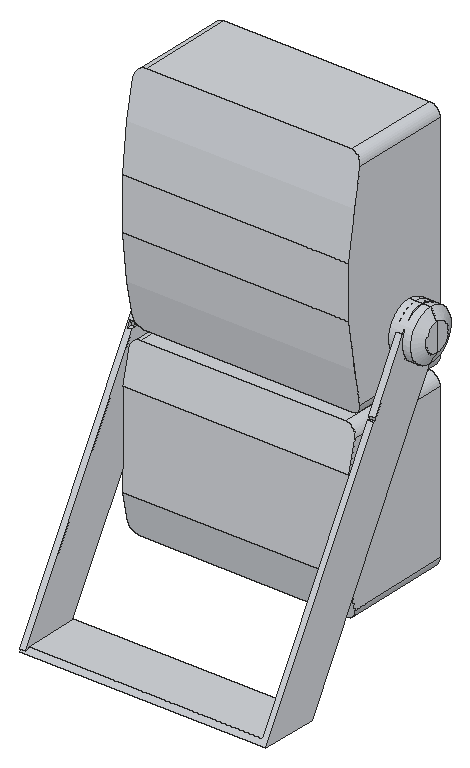
Revit family "Lighting-Proiezione-GEWISS-SMART[PRO]2.0-PROIETTORI-LED-MEDIA-POTENZA_1MODULI_DALI_CLI", category Apparecchi per illuminazione, host Superficie, Revit 2019 (continued)
Types (46, lengths in mm): name | Versioni | Tolleranza cromatica | Tipologia | Tensione | Temperatura di utilizzo | Temperatura di colore: | Temperatura di colore | Superficie massima esposta al vento | Spostamento_x_effettivo | Spostamento_x | Scheda Tecnica | Resistenza alle sovratensioni : | Regolazione inclinazione | Ottica | Numero moduli | Modello | Lumen output (lm) | Life Time L90B10 (Tq 50Â°C) : | Life Time L90B10 (Tq 40Â°C) | Life Time L90B10 (Tq 25Â°C) : | Life Time L80B10 (Tq 25Â°C) | Lampada: | Indice di resa cromatica | IPEA | IDT | Gruppo ottico | Flusso nominale | Efficienza luminosa (lm/W) | Durata di vita | Distanza minima dall'oggetto illuminato | Descrizione | Corrente di pilotaggio LED | Controllo abbagliamento e luminanza | Catalogo Serie
  GWP2174FD - SMART PRO 1M 4000K CRI70 TYPE A2 DALI | "Luce naturale 4000K" | "SDCM = 5" | "DALI" | "220 / 240 V - 50 / 60 Hz" | "-30 +40 °C" | "4000 K (CRI>70)" | "4000K" | "0,085M2" | 2938.794 | 1061.206 | "https://www.gewiss.com/it/it/search?q=GWP2174FD" | "10KV in modalità comune; 6KV in modalità differenziale" | "-120° ÷ + 120° staffa" | "A2 - Asimmetrica Media" | "1" | "GWP2174FD" | "16400" | "" | "40000 H" | ">50000 H" | ">110000 H" | "LED" | "CRI-70" | "STRADALE = A // GRANDI AREE = A++ // CICLOPEDONALI = A // AREE VERDI = A // CENTRO STORICO = A4+ // ALTRO = A4+" | "c7ec98a24c81494e8e16bc5b97c15477" | "Parabola in alluminio anodizzato brillantato con alluminio puro 99,99%" | "24000" | "99" | "L90B10 (Tq+25°C) - 50000h L90B10 (Tq+50°C) = 32000h L80B10 (Tq+25°C) - 110000h" | "1M" | "SMART PRO 1M 4000K CRI70 TYPE A2 DALI" | "0,7 A" | "G*3 - ULOR = 0" | "SMART [PRO] 2.0"
  GWP2174GD - SMART PRO 1M 4000K CRI70 TYPE C4 DALI | "Luce naturale 4000K" | "SDCM = 5" | "DALI" | "220 / 240 V - 50 / 60 Hz" | "-30 +40 °C" | "4000 K (CRI>70)" | "4000K" | "0,085M2" | 2938.794 | 1061.206 | "https://www.gewiss.com/it/it/search?q=GWP2174GD" | "10KV in modalità comune; 6KV in modalità differenziale" | "-120° ÷ + 120° staffa" | "C4 - Circolare 15°" | "1" | "GWP2174GD" | "20500" | "" | "40000 H" | ">50000 H" | ">110000 H" | "LED" | "CRI-70" | "STRADALE = A++ // GRANDI AREE = A6+ // CICLOPEDONALI = A3+ // AREE VERDI = A3+ // CENTRO STORICO = A8+ // ALTRO = A8+" | "33379705db8c4ac6ad7f513b6c9e8b0f" | "Riflettore in PC HT quarzato&nbsp; e metallizzato lucido" | "24000" | "124" | "L90B10 (Tq+25°C) - 50000h L90B10 (Tq+50°C) = 32000h L80B10 (Tq+25°C) - 110000h" | "1M" | "SMART PRO 1M 4000K CRI70 TYPE C4 DALI" | "0,7 A" | "G*6 - ULOR = 0" | "SMART [PRO] 2.0"
  GWP2174HD - SMART PRO 1M 4000K CRI70 TYPE C3 DALI | "Luce naturale 4000K" | "SDCM = 5" | "DALI" | "220 / 240 V - 50 / 60 Hz" | "-30 +40 °C" | "4000 K (CRI>70)" | "4000K" | "0,085M2" | 2938.794 | 1061.206 | "https://www.gewiss.com/it/it/search?q=GWP2174HD" | "10KV in modalità comune; 6KV in modalità differenziale" | "-120° ÷ + 120° staffa" | "C3 - Circolare 20°" | "1" | "GWP2174HD" | "20500" | "" | "40000 H" | ">50000 H" | ">110000 H" | "LED" | "CRI-70" | "STRADALE = A++ // GRANDI AREE = A6+ // CICLOPEDONALI = A3+ // AREE VERDI = A3+ // CENTRO STORICO = A8+ // ALTRO = A8+" | "c3bde94c8f45461f82fe022f054c9b62" | "Riflettore in PC HT quarzato&nbsp; e metallizzato lucido" | "24000" | "124" | "L90B10 (Tq+25°C) - 50000h L90B10 (Tq+50°C) = 32000h L80B10 (Tq+25°C) - 110000h" | "1M" | "SMART PRO 1M 4000K CRI70 TYPE C3 DALI" | "0,7 A" | "G*6 - ULOR = 0" | "SMART [PRO] 2.0"
  GWP2174LD - SMART PRO 1M 4000K CRI70 TYPE C2 DALI | "Luce naturale 4000K" | "SDCM = 5" | "DALI" | "220 / 240 V - 50 / 60 Hz" | "-30 +40 °C" | "4000 K (CRI>70)" | "4000K" | "0,085M2" | 2938.794 | 1061.206 | "https://www.gewiss.com/it/it/search?q=GWP2174LD" | "10KV in modalità comune; 6KV in modalità differenziale" | "-120° ÷ + 120° staffa" | "C2 - Circolare 25°" | "1" | "GWP2174LD" | "20000" | "" | "40000 H" | ">50000 H" | ">110000 H" | "LED" | "CRI-70" | "STRADALE = A++ // GRANDI AREE = A5+ // CICLOPEDONALI = A++ // AREE VERDI = A++ // CENTRO STORICO = A7+ // ALTRO = A7+" | "b351f5220b6042cbaab340076bed8e38" | "Riflettore in PC HT quarzato&nbsp; e metallizzato lucido" | "24000" | "121" | "L90B10 (Tq+25°C) - 50000h L90B10 (Tq+50°C) = 32000h L80B10 (Tq+25°C) - 110000h" | "1M" | "SMART PRO 1M 4000K CRI70 TYPE C2 DALI" | "0,7 A" | "G*6 - ULOR = 0" | "SMART [PRO] 2.0"
  GWP2174MD - SMART PRO 1M 4000K CRI70 TYPE C1 DALI | "Luce naturale 4000K" | "SDCM = 5" | "DALI" | "220 / 240 V - 50 / 60 Hz" | "-30 +40 °C" | "4000 K (CRI>70)" | "4000K" | "0,085M2" | 2938.794 | 1061.206 | "https://www.gewiss.com/it/it/search?q=GWP2174MD" | "10KV in modalità comune; 6KV in modalità differenziale" | "-120° ÷ + 120° staffa" | "C1 - Circolare 30°" | "1" | "GWP2174MD" | "20000" | "" | "40000 H" | ">50000 H" | ">110000 H" | "LED" | "CRI-70" | "STRADALE = A++ // GRANDI AREE = A5+ // CICLOPEDONALI = A++ // AREE VERDI = A++ // CENTRO STORICO = A7+ // ALTRO = A7+" | "875591dee17f4a41ab7b81d6d1d0d833" | "Riflettore in PC HT quarzato&nbsp; e metallizzato lucido" | "24000" | "121" | "L90B10 (Tq+25°C) - 50000h L90B10 (Tq+50°C) = 32000h L80B10 (Tq+25°C) - 110000h" | "1M" | "SMART PRO 1M 4000K CRI70 TYPE C1 DALI" | "0,7 A" | "G*6 - ULOR = 0" | "SMART [PRO] 2.0"
  GWP2175AD - SMART PRO 1M 5700K CRI70 TYPE S1 DALI | "Luce fredda 5700K" | "SDCM = 5" | "DALI" | "220 / 240 V - 50 / 60 Hz" | "-30 +40 °C" | "5700 K (CRI>70)" | "5700K" | "0,085M2" | 2938.794 | 1061.206 | "https://www.gewiss.com/it/it/search?q=GWP2175AD" | "10KV in modalità comune; 6KV in modalità differenziale" | "-120° ÷ + 120° staffa" | "S1 - Simmetrica Larga" | "1" | "GWP2175AD" | "19600" | "" | "40000 H" | ">50000 H" | ">110000 H" | "LED" | "CRI-70" | "STRADALE = A++ // GRANDI AREE = A5+ // CICLOPEDONALI = A++ // AREE VERDI = A++ // CENTRO STORICO = A7+ // ALTRO = A7+" | "46392bc269c04283af3d267b4dc941af" | "Riflettore in PC HT quarzato&nbsp; e metallizzato lucido" | "24000" | "119" | "L90B10 (Tq+25°C) - 50000h L90B10 (Tq+50°C) = 32000h L80B10 (Tq+25°C) - 110000h" | "1M" | "SMART PRO 1M 5700K CRI70 TYPE S1 DALI" | "0,7 A" | "G*6 - ULOR = 0" | "SMART [PRO] 2.0"
  GWP2175BD - SMART PRO 1M 5700K CRI70 TYPE S2 DALI | "Luce fredda 5700K" | "SDCM = 5" | "DALI" | "220 / 240 V - 50 / 60 Hz" | "-30 +40 °C" | "5700 K (CRI>70)" | "5700K" | "0,085M2" | 2938.794 | 1061.206 | "https://www.gewiss.com/it/it/search?q=GWP2175BD" | "10KV in modalità comune; 6KV in modalità differenziale" | "-120° ÷ + 120° staffa" | "S2 - Simmetrica Media" | "1" | "GWP2175BD" | "20300" | "" | "40000 H" | ">50000 H" | ">110000 H" | "LED" | "CRI-70" | "STRADALE = A++ // GRANDI AREE = A6+ // CICLOPEDONALI = A3+ // AREE VERDI = A3+ // CENTRO STORICO = A7+ // ALTRO = A7+" | "119f826a083b40bdb4b0429b1f292288" | "Parabola in alluminio anodizzato brillantato con alluminio puro 99,99%" | "24000" | "123" | "L90B10 (Tq+25°C) - 50000h L90B10 (Tq+50°C) = 32000h L80B10 (Tq+25°C) - 110000h" | "1M" | "SMART PRO 1M 5700K CRI70 TYPE S2 DALI" | "0,7 A" | "G*6 - ULOR = 0" | "SMART [PRO] 2.0"
  GWP2175CD - SMART PRO 1M 5700K CRI70 TYPE A1 DALI | "Luce fredda 5700K" | "SDCM = 5" | "DALI" | "220 / 240 V - 50 / 60 Hz" | "-30 +40 °C" | "5700 K (CRI>70)" | "5700K" | "0,085M2" | 2938.794 | 1061.206 | "https://www.gewiss.com/it/it/search?q=GWP2175CD" | "10KV in modalità comune; 6KV in modalità differenziale" | "-120° ÷ + 120° staffa" | "A1 - Asimmetrica Larga" | "1" | "GWP2175CD" | "19100" | "" | "40000 H" | ">50000 H" | ">110000 H" | "LED" | "CRI-70" | "STRADALE = A+ // GRANDI AREE = A5+ // CICLOPEDONALI = A++ // AREE VERDI = A++ // CENTRO STORICO = A6+ // ALTRO = A6+" | "1931f00c146d4d25943004ce45479592" | "Riflettore in PC HT quarzato&nbsp; e metallizzato lucido" | "24000" | "116" | "L90B10 (Tq+25°C) - 50000h L90B10 (Tq+50°C) = 32000h L80B10 (Tq+25°C) - 110000h" | "1M" | "SMART PRO 1M 5700K CRI70 TYPE A1 DALI" | "0,7 A" | "G*4 - ULOR = 0" | "SMART [PRO] 2.0"
  GWP2175FD - SMART PRO 1M 5700K CRI70 TYPE A2 DALI | "Luce fredda 5700K" | "SDCM = 5" | "DALI" | "220 / 240 V - 50 / 60 Hz" | "-30 +40 °C" | "5700 K (CRI>70)" | "5700K" | "0,085M2" | 2938.794 | 1061.206 | "https://www.gewiss.com/it/it/search?q=GWP2175FD" | "10KV in modalità comune; 6KV in modalità differenziale" | "-120° ÷ + 120° staffa" | "A2 - Asimmetrica Media" | "1" | "GWP2175FD" | "16400" | "" | "40000 H" | ">50000 H" | ">110000 H" | "LED" | "CRI-70" | "STRADALE = A // GRANDI AREE = A++ // CICLOPEDONALI = A // AREE VERDI = A // CENTRO STORICO = A4+ // ALTRO = A4+" | "ddc547c578894b1298216b770cafd0b4" | "Parabola in alluminio anodizzato brillantato con alluminio puro 99,99%" | "24000" | "99" | "L90B10 (Tq+25°C) - 50000h L90B10 (Tq+50°C) = 32000h L80B10 (Tq+25°C) - 110000h" | "1M" | "SMART PRO 1M 5700K CRI70 TYPE A2 DALI" | "0,7 A" | "G*3 - ULOR = 0" | "SMART [PRO] 2.0"
  GWP2175GD - SMART PRO 1M 5700K CRI70 TYPE C4 DALI | "Luce fredda 5700K" | "SDCM = 5" | "DALI" | "220 / 240 V - 50 / 60 Hz" | "-30 +40 °C" | "5700 K (CRI>70)" | "5700K" | "0,085M2" | 2938.794 | 1061.206 | "https://www.gewiss.com/it/it/search?q=GWP2175GD" | "10KV in modalità comune; 6KV in modalità differenziale" | "-120° ÷ + 120° staffa" | "C4 - Circolare 15°" | "1" | "GWP2175GD" | "20500" | "" | "40000 H" | ">50000 H" | ">110000 H" | "LED" | "CRI-70" | "STRADALE = A++ // GRANDI AREE = A6+ // CICLOPEDONALI = A3+ // AREE VERDI = A3+ // CENTRO STORICO = A8+ // ALTRO = A8+" | "69762f017caf489d83bad4692ae63149" | "Riflettore in PC HT quarzato&nbsp; e metallizzato lucido" | "24000" | "124" | "L90B10 (Tq+25°C) - 50000h L90B10 (Tq+50°C) = 32000h L80B10 (Tq+25°C) - 110000h" | "1M" | "SMART PRO 1M 5700K CRI70 TYPE C4 DALI" | "0,7 A" | "G*6 - ULOR = 0" | "SMART [PRO] 2.0"
  GWP2175HD - SMART PRO 1M 5700K CRI70 TYPE C3 DALI | "Luce fredda 5700K" | "SDCM = 5" | "DALI" | "220 / 240 V - 50 / 60 Hz" | "-30 +40 °C" | "5700 K (CRI>70)" | "5700K" | "0,085M2" | 2938.794 | 1061.206 | "https://www.gewiss.com/it/it/search?q=GWP2175HD" | "10KV in modalità comune; 6KV in modalità differenziale" | "-120° ÷ + 120° staffa" | "C3 - Circolare 20°" | "1" | "GWP2175HD" | "20500" | "" | "40000 H" | ">50000 H" | ">110000 H" | "LED" | "CRI-70" | "STRADALE = A++ // GRANDI AREE = A6+ // CICLOPEDONALI = A3+ // AREE VERDI = A3+ // CENTRO STORICO = A8+ // ALTRO = A8+" | "dba908b8bc5849fcb38b1480a8a6a124" | "Riflettore in PC HT quarzato&nbsp; e metallizzato lucido" | "24000" | "124" | "L90B10 (Tq+25°C) - 50000h L90B10 (Tq+50°C) = 32000h L80B10 (Tq+25°C) - 110000h" | "1M" | "SMART PRO 1M 5700K CRI70 TYPE C3 DALI" | "0,7 A" | "G*6 - ULOR = 0" | "SMART [PRO] 2.0"
  GWP2175LD - SMART PRO 1M 5700K CRI70 TYPE C2 DALI | "Luce fredda 5700K" | "SDCM = 5" | "DALI" | "220 / 240 V - 50 / 60 Hz" | "-30 +40 °C" | "5700 K (CRI>70)" | "5700K" | "0,085M2" | 2938.794 | 1061.206 | "https://www.gewiss.com/it/it/search?q=GWP2175LD" | "10KV in modalità comune; 6KV in modalità differenziale" | "-120° ÷ + 120° staffa" | "C2 - Circolare 25°" | "1" | "GWP2175LD" | "20000" | "" | "40000 H" | ">50000 H" | ">110000 H" | "LED" | "CRI-70" | "STRADALE = A++ // GRANDI AREE = A5+ // CICLOPEDONALI = A++ // AREE VERDI = A++ // CENTRO STORICO = A7+ // ALTRO = A7+" | "edc56348042a45ad992585e710b22ea1" | "Riflettore in PC HT quarzato&nbsp; e metallizzato lucido" | "24000" | "121" | "L90B10 (Tq+25°C) - 50000h L90B10 (Tq+50°C) = 32000h L80B10 (Tq+25°C) - 110000h" | "1M" | "SMART PRO 1M 5700K CRI70 TYPE C2 DALI" | "0,7 A" | "G*6 - ULOR = 0" | "SMART [PRO] 2.0"
  GWP2175MD - SMART PRO 1M 5700K CRI70 TYPE C1 DALI | "Luce fredda 5700K" | "SDCM = 5" | "DALI" | "220 / 240 V - 50 / 60 Hz" | "-30 +40 °C" | "5700 K (CRI>70)" | "5700K" | "0,085M2" | 2939 | 1061 | "https://www.gewiss.com/it/it/search?q=GWP2175MD" | "10KV in modalità comune; 6KV in modalità differenziale" | "-120° ÷ + 120° staffa" | "C1 - Circolare 30°" | "1" | "GWP2175MD" | "20000" | "" | "40000 H" | ">50000 H" | ">110000 H" | "LED" | "CRI-70" | "STRADALE = A++ // GRANDI AREE = A5+ // CICLOPEDONALI = A++ // AREE VERDI = A++ // CENTRO STORICO = A7+ // ALTRO = A7+" | "ffc022d0a8bd4decbcbec3e6ddc89799" | "Riflettore in PC HT quarzato&nbsp; e metallizzato lucido" | "24000" | "121" | "L90B10 (Tq+25°C) - 50000h L90B10 (Tq+50°C) = 32000h L80B10 (Tq+25°C) - 110000h" | "1M" | "SMART PRO 1M 5700K CRI70 TYPE C1 DALI" | "0,7 A" | "G*6 - ULOR = 0" | "SMART [PRO] 2.0"
  GWP2184AD - SMART PRO 1M 4000K CRI80 TYPE S1 DALI | "Luce naturale 4000K" | "SDCM = 3" | "DALI" | "220 / 240 V - 50 / 60 Hz" | "-30 +40 °C" | "4000 K (CRI>80)" | "4000K" | "0,085M2" | 2938.794 | 1061.206 | "https://www.gewiss.com/it/it/search?q=GWP2184AD" | "10KV in modalità comune; 6KV in modalità differenziale" | "-120° ÷ + 120° staffa" | "S1 - Simmetrica Larga" | "1" | "GWP2184AD" | "18300" | "" | "40000 H" | ">50000 H" | ">110000 H" | "LED" | "CRI-80" | "STRADALE = A+ // GRANDI AREE = A4+ // CICLOPEDONALI = A+ // AREE VERDI = A+ // CENTRO STORICO = A6+ // ALTRO = A6+" | "d6225d75cf6b4744a1bc7dbdfeaaf00d" | "Riflettore in PC HT quarzato&nbsp; e metallizzato lucido" | "23000" | "111" | "L90B10 (Tq+25°C) - 50000h L90B10 (Tq+50°C) = 32000h L80B10 (Tq+25°C) - 110000h" | "1M" | "SMART PRO 1M 4000K CRI80 TYPE S1 DALI" | "0,7 A" | "G*6 - ULOR = 0" | "SMART [PRO] 2.0"
  GWP2184BD - SMART PRO 1M 4000K CRI80 TYPE S2 DALI | "Luce naturale 4000K" | "SDCM = 3" | "DALI" | "220 / 240 V - 50 / 60 Hz" | "-30 +40 °C" | "4000 K (CRI>80)" | "4000K" | "0,085M2" | 2938.794 | 1061.206 | "https://www.gewiss.com/it/it/search?q=GWP2184BD" | "10KV in modalità comune; 6KV in modalità differenziale" | "-120° ÷ + 120° staffa" | "S2 - Simmetrica Media" | "1" | "GWP2184BD" | "19000" | "" | "40000 H" | ">50000 H" | ">110000 H" | "LED" | "CRI-80" | "STRADALE = A+ // GRANDI AREE = A5+ // CICLOPEDONALI = A++ // AREE VERDI = A++ // CENTRO STORICO = A6+ // ALTRO = A6+" | "cb163016d8a64c65bcbe5f90d189a08e" | "Parabola in alluminio anodizzato brillantato con alluminio puro 99,99%" | "23000" | "115" | "L90B10 (Tq+25°C) - 50000h L90B10 (Tq+50°C) = 32000h L80B10 (Tq+25°C) - 110000h" | "1M" | "SMART PRO 1M 4000K CRI80 TYPE S2 DALI" | "0,7 A" | "G*6 - ULOR = 0" | "SMART [PRO] 2.0"
  GWP2184CD - SMART PRO 1M 4000K CRI80 TYPE A1 DALI | "Luce naturale 4000K" | "SDCM = 3" | "DALI" | "220 / 240 V - 50 / 60 Hz" | "-30 +40 °C" | "4000 K (CRI>80)" | "4000K" | "0,085M2" | 2938.794 | 1061.206 | "https://www.gewiss.com/it/it/search?q=GWP2184CD" | "10KV in modalità comune; 6KV in modalità differenziale" | "-120° ÷ + 120° staffa" | "A1 - Asimmetrica Larga" | "1" | "GWP2184CD" | "17800" | "" | "40000 H" | ">50000 H" | ">110000 H" | "LED" | "CRI-80" | "STRADALE = A+ // GRANDI AREE = A3+ // CICLOPEDONALI = A+ // AREE VERDI = A+ // CENTRO STORICO = A5+ // ALTRO = A5+" | "0e63a9c1297f457eb1e2568cd6e6aa68" | "Riflettore in PC HT quarzato&nbsp; e metallizzato lucido" | "23000" | "108" | "L90B10 (Tq+25°C) - 50000h L90B10 (Tq+50°C) = 32000h L80B10 (Tq+25°C) - 110000h" | "1M" | "SMART PRO 1M 4000K CRI80 TYPE A1 DALI" | "0,7 A" | "G*4 - ULOR = 0" | "SMART [PRO] 2.0"
  GWP2184FD - SMART PRO 1M 4000K CRI80 TYPE A2 DALI | "Luce naturale 4000K" | "SDCM = 3" | "DALI" | "220 / 240 V - 50 / 60 Hz" | "-30 +40 °C" | "4000 K (CRI>80)" | "4000K" | "0,085M2" | 2938.794 | 1061.206 | "https://www.gewiss.com/it/it/search?q=GWP2184FD" | "10KV in modalità comune; 6KV in modalità differenziale" | "-120° ÷ + 120° staffa" | "A2 - Asimmetrica Media" | "1" | "GWP2184FD" | "15300" | "" | "40000 H" | ">50000 H" | ">110000 H" | "LED" | "CRI-80" | "STRADALE = B // GRANDI AREE = A+ // CICLOPEDONALI = B // AREE VERDI = B // CENTRO STORICO = A3+ // ALTRO = A3+" | "703be24bf0034165aa37b59490841785" | "Parabola in alluminio anodizzato brillantato con alluminio puro 99,99%" | "23000" | "93" | "L90B10 (Tq+25°C) - 50000h L90B10 (Tq+50°C) = 32000h L80B10 (Tq+25°C) - 110000h" | "1M" | "SMART PRO 1M 4000K CRI80 TYPE A2 DALI" | "0,7 A" | "G*3 - ULOR = 0" | "SMART [PRO] 2.0"
  GWP2184GD - SMART PRO 1M 4000K CRI80 TYPE C4 DALI | "Luce naturale 4000K" | "SDCM = 3" | "DALI" | "220 / 240 V - 50 / 60 Hz" | "-30 +40 °C" | "4000 K (CRI>80)" | "4000K" | "0,085M2" | 2938.794 | 1061.206 | "https://www.gewiss.com/it/it/search?q=GWP2184GD" | "10KV in modalità comune; 6KV in modalità differenziale" | "-120° ÷ + 120° staffa" | "C4 - Circolare 15°" | "1" | "GWP2184GD" | "19100" | "" | "40000 H" | ">50000 H" | ">110000 H" | "LED" | "CRI-80" | "STRADALE = A+ // GRANDI AREE = A5+ // CICLOPEDONALI = A++ // AREE VERDI = A++ // CENTRO STORICO = A6+ // ALTRO = A6+" | "4cd1a6518dd04f62873fae35e7034f2f" | "Riflettore in PC HT quarzato&nbsp; e metallizzato lucido" | "23000" | "116" | "L90B10 (Tq+25°C) - 50000h L90B10 (Tq+50°C) = 32000h L80B10 (Tq+25°C) - 110000h" | "1M" | "SMART PRO 1M 4000K CRI80 TYPE C4 DALI" | "0,7 A" | "G*6 - ULOR = 0" | "SMART [PRO] 2.0"
  GWP2184HD - SMART PRO 1M 4000K CRI80 TYPE C3 DALI | "Luce naturale 4000K" | "SDCM = 3" | "DALI" | "220 / 240 V - 50 / 60 Hz" | "-30 +40 °C" | "4000 K (CRI>80)" | "4000K" | "0,085M2" | 2938.794 | 1061.206 | "https://www.gewiss.com/it/it/search?q=GWP2184HD" | "10KV in modalità comune; 6KV in modalità differenziale" | "-120° ÷ + 120° staffa" | "C3 - Circolare 20°" | "1" | "GWP2184HD" | "19100" | "" | "40000 H" | ">50000 H" | ">110000 H" | "LED" | "CRI-80" | "STRADALE = A+ // GRANDI AREE = A5+ // CICLOPEDONALI = A++ // AREE VERDI = A++ // CENTRO STORICO = A6+ // ALTRO = A6+" | "7759a0156d114a6f8af528ec76b354e9" | "Riflettore in PC HT quarzato&nbsp; e metallizzato lucido" | "23000" | "116" | "L90B10 (Tq+25°C) - 50000h L90B10 (Tq+50°C) = 32000h L80B10 (Tq+25°C) - 110000h" | "1M" | "SMART PRO 1M 4000K CRI80 TYPE C3 DALI" | "0,7 A" | "G*6 - ULOR = 0" | "SMART [PRO] 2.0"
  GWP2184LD - SMART PRO 1M 4000K CRI80 TYPE C2 DALI | "Luce naturale 4000K" | "SDCM = 3" | "DALI" | "220 / 240 V - 50 / 60 Hz" | "-30 +40 °C" | "4000 K (CRI>80)" | "4000K" | "0,085M2" | 2938.794 | 1061.206 | "https://www.gewiss.com/it/it/search?q=GWP2184LD" | "10KV in modalità comune; 6KV in modalità differenziale" | "-120° ÷ + 120° staffa" | "C2 - Circolare 25°" | "1" | "GWP2184LD" | "18700" | "" | "40000 H" | ">50000 H" | ">110000 H" | "LED" | "CRI-80" | "STRADALE = A+ // GRANDI AREE = A4+ // CICLOPEDONALI = A+ // AREE VERDI = A+ // CENTRO STORICO = A6+ // ALTRO = A6+" | "2a08f6d2fdf34a4b9e82a12940a9dce9" | "Riflettore in PC HT quarzato&nbsp; e metallizzato lucido" | "23000" | "113" | "L90B10 (Tq+25°C) - 50000h L90B10 (Tq+50°C) = 32000h L80B10 (Tq+25°C) - 110000h" | "1M" | "SMART PRO 1M 4000K CRI80 TYPE C2 DALI" | "0,7 A" | "G*6 - ULOR = 0" | "SMART [PRO] 2.0"
  GWP2184MD - SMART PRO 1M 4000K CRI80 TYPE C1 DALI | "Luce naturale 4000K" | "SDCM = 3" | "DALI" | "220 / 240 V - 50 / 60 Hz" | "-30 +40 °C" | "4000 K (CRI>80)" | "4000K" | "0,085M2" | 2938.794 | 1061.206 | "https://www.gewiss.com/it/it/search?q=GWP2184MD" | "10KV in modalità comune; 6KV in modalità differenziale" | "-120° ÷ + 120° staffa" | "C1 - Circolare 30°" | "1" | "GWP2184MD" | "18700" | "" | "40000 H" | ">50000 H" | ">110000 H" | "LED" | "CRI-80" | "STRADALE = A+ // GRANDI AREE = A4+ // CICLOPEDONALI = A+ // AREE VERDI = A+ // CENTRO STORICO = A6+ // ALTRO = A6+" | "1c8557c44a7a4292b186e33cb6aec13a" | "Riflettore in PC HT quarzato&nbsp; e metallizzato lucido" | "23000" | "113" | "L90B10 (Tq+25°C) - 50000h L90B10 (Tq+50°C) = 32000h L80B10 (Tq+25°C) - 110000h" | "1M" | "SMART PRO 1M 4000K CRI80 TYPE C1 DALI" | "0,7 A" | "G*6 - ULOR = 0" | "SMART [PRO] 2.0"
  GWP2173ND - SMARTPRO2.0 1M 3000K CRI70 A3 DALI CL1 | "Luce calda 3000K" | "SDCM = 5" | "DALI" | "220 / 240 V - 50 / 60 Hz" | "-30 +50 °C" | "3000 K (CRI>70)" | "3000K" | "0,085M2" | 2938.794 | 1061.206 | "https://www.gewiss.com/it/it/search?q=GWP2173ND" | "10KV in modalità comune; 6KV in modalità differenziale" | "-120° ÷ + 120° staffa" | "A3 - Asimmetrica Stretta" | "1" | "GWP2173ND" | "17600" | "32000 H" | "" | ">40000 H" | ">90000 H" | "LED" | "CRI-70" | "STRADALE = A // GRANDI AREE = A3+ // CICLOPEDONALI = A+ // AREE VERDI = A+ // CENTRO STORICO = A5+ // ALTRO = A5+" | "2182814d225341a59a4a53d4f508f5ea" | "Parabola in alluminio anodizzato brillantato con alluminio puro 99,99%" | "23000" | "107" | "L90B10 (Tq+25°C) - 50000h L90B10 (Tq+50°C) = 32000h L80B10 (Tq+25°C) - 110000h" | "1M" | "SMARTPRO2.0 1M 3000K CRI70 A3 DALI CL1" | "0,7 A" | "G*6 - ULOR = 0" | "SMART [PRO] 2.0"
  GWP2174ND - SMARTPRO2.0 1M 4000K CRI70 A3 DALI CL1 | "Luce naturale 4000K" | "SDCM = 5" | "DALI" | "220 / 240 V - 50 / 60 Hz" | "-30 +50 °C" | "4000 K (CRI>70)" | "4000K" | "0,085M2" | 2938.794 | 1061.206 | "https://www.gewiss.com/it/it/search?q=GWP2174ND" | "10KV in modalità comune; 6KV in modalità differenziale" | "-120° ÷ + 120° staffa" | "A3 - Asimmetrica Stretta" | "1" | "GWP2174ND" | "18800" | "32000 H" | "" | ">40000 H" | ">90000 H" | "LED" | "CRI-70" | "STRADALE = A+ // GRANDI AREE = A4+ // CICLOPEDONALI = A+ // AREE VERDI = A+ // CENTRO STORICO = A6+ // ALTRO = A6+" | "eb2cf4fa144146bfbd62718b20c03e0e" | "Parabola in alluminio anodizzato brillantato con alluminio puro 99,99%" | "24000" | "114" | "L90B10 (Tq+25°C) - 50000h L90B10 (Tq+50°C) = 32000h L80B10 (Tq+25°C) - 110000h" | "1M" | "SMARTPRO2.0 1M 4000K CRI70 A3 DALI CL1" | "0,7 A" | "G*6 - ULOR = 0" | "SMART [PRO] 2.0"
  GWP2175ND - SMARTPRO2.0 1M 5700K CRI70 A3 DALI CL1 | "Luce fredda 5700K" | "SDCM = 5" | "DALI" | "220 / 240 V - 50 / 60 Hz" | "-30 +50 °C" | "5700 K (CRI>70)" | "5700K" | "0,085M2" | 2939 | 1061 | "https://www.gewiss.com/it/it/search?q=GWP2175ND" | "10KV in modalità comune; 6KV in modalità differenziale" | "-120° ÷ + 120° staffa" | "A3 - Asimmetrica Stretta" | "1" | "GWP2175ND" | "18800" | "32000 H" | "" | ">40000 H" | ">90000 H" | "LED" | "CRI-70" | "STRADALE = A+ // GRANDI AREE = A4+ // CICLOPEDONALI = A+ // AREE VERDI = A+ // CENTRO STORICO = A6+ // ALTRO = A6+" | "84e20e0ec7b84b139539c076501196d1" | "Parabola in alluminio anodizzato brillantato con alluminio puro 99,99%" | "24000" | "114" | "L90B10 (Tq+25°C) - 50000h L90B10 (Tq+50°C) = 32000h L80B10 (Tq+25°C) - 110000h" | "1M" | "SMARTPRO2.0 1M 5700K CRI70 A3 DALI CL1" | "0,7 A" | "G*6 - ULOR = 0" | "SMART [PRO] 2.0"
  GWP2184ND - SMARTPRO2.0 1M 4000K CRI80 A3 DALI CL1 | "Luce naturale 4000K" | "SDCM = 3" | "DALI" | "220 / 240 V - 50 / 60 Hz" | "-30 +50 °C" | "4000 K (CRI>80)" | "4000K" | "0,085M2" | 2938.794 | 1061.206 | "https://www.gewiss.com/it/it/search?q=GWP2184ND" | "10KV in modalità comune; 6KV in modalità differenziale" | "-120° ÷ + 120° staffa" | "A3 - Asimmetrica Stretta" | "1" | "GWP2184ND" | "17600" | "32000 H" | "" | ">40000 H" | ">90000 H" | "LED" | "CRI-80" | "STRADALE = A // GRANDI AREE = A3+ // CICLOPEDONALI = A+ // AREE VERDI = A+ // CENTRO STORICO = A5+ // ALTRO = A5+" | "a9b8ffb25108400b99db7532c65948c2" | "Parabola in alluminio anodizzato brillantato con alluminio puro 99,99%" | "23000" | "107" | "L90B10 (Tq+25°C) - 50000h L90B10 (Tq+50°C) = 32000h L80B10 (Tq+25°C) - 110000h" | "1M" | "SMARTPRO2.0 1M 4000K CRI80 A3 DALI CL1" | "0,7 A" | "G*6 - ULOR = 0" | "SMART [PRO] 2.0"
  GWP2185AD - SMARTPRO2.0 1M 5700K CRI80 S1 DALI CL1 | "Luce fredda 5700K" | "SDCM = 3" | "" | "" | "" | "" | "5700K" | "" | 2938.794 | 1061.206 | "https://www.gewiss.com/it/it/search?q=GWP2185AD" | "" | "" | "S1 - Simmetrica Larga" | "" | "GWP2185AD" | "18300" | "" | "" | "" | "" | "" | "CRI-80" | "STRADALE = A+ // GRANDI AREE = A4+ // CICLOPEDONALI = A+ // AREE VERDI = A+ // CENTRO STORICO = A6+ // ALTRO = A6+" | "8188866e3caa46a7a08a37d9a5dfa893" | "Riflettore in PC HT quarzato&nbsp; e metallizzato lucido" | "" | "111" | "L90B10 (Tq+25°C) - 50000h L90B10 (Tq+50°C) = 32000h L80B10 (Tq+25°C) - 110000h" | "" | "SMARTPRO2.0 1M 5700K CRI80 S1 DALI CL1" | "" | "G*6 - ULOR = 0" | ""
  GWP2185BD - SMARTPRO2.0 1M 5700K CRI80 S2 DALI CL1 | "Luce fredda 5700K" | "SDCM = 3" | "" | "" | "" | "" | "5700K" | "" | 2938.794 | 1061.206 | "https://www.gewiss.com/it/it/search?q=GWP2185BD" | "" | "" | "S2 - Simmetrica Media" | "" | "GWP2185BD" | "19000" | "" | "" | "" | "" | "" | "CRI-80" | "STRADALE = A+ // GRANDI AREE = A5+ // CICLOPEDONALI = A++ // AREE VERDI = A++ // CENTRO STORICO = A6+ // ALTRO = A6+" | "cd508921722e4b9e9ae4d8cdaf121cf5" | "Parabola in alluminio anodizzato brillantato con alluminio puro 99,99%" | "" | "115" | "L90B10 (Tq+25°C) - 50000h L90B10 (Tq+50°C) = 32000h L80B10 (Tq+25°C) - 110000h" | "" | "SMARTPRO2.0 1M 5700K CRI80 S2 DALI CL1" | "" | "G*6 - ULOR = 0" | ""
  GWP2185CD - SMARTPRO2.0 1M 5700K CRI80 A1 DALI CL1 | "Luce fredda 5700K" | "SDCM = 3" | "" | "" | "" | "" | "5700K" | "" | 2938.794 | 1061.206 | "https://www.gewiss.com/it/it/search?q=GWP2185CD" | "" | "" | "A1 - Asimmetrica Larga" | "" | "GWP2185CD" | "17800" | "" | "" | "" | "" | "" | "CRI-80" | "STRADALE = A+ // GRANDI AREE = A3+ // CICLOPEDONALI = A+ // AREE VERDI = A+ // CENTRO STORICO = A5+ // ALTRO = A5+" | "e055d97f16584270ae6f278464f0447d" | "Riflettore in PC HT quarzato&nbsp; e metallizzato lucido" | "" | "108" | "L90B10 (Tq+25°C) - 50000h L90B10 (Tq+50°C) = 32000h L80B10 (Tq+25°C) - 110000h" | "" | "SMARTPRO2.0 1M 5700K CRI80 A1 DALI CL1" | "" | "G*4 - ULOR = 0" | ""
  GWP2185FD - SMARTPRO2.0 1M 5700K CRI80 A2 DALI CL1 | "Luce fredda 5700K" | "SDCM = 3" | "" | "" | "" | "" | "5700K" | "" | 2938.794 | 1061.206 | "https://www.gewiss.com/it/it/search?q=GWP2185FD" | "" | "" | "A2 - Asimmetrica Media" | "" | "GWP2185FD" | "15300" | "" | "" | "" | "" | "" | "CRI-80" | "STRADALE = B // GRANDI AREE = A+ // CICLOPEDONALI = B // AREE VERDI = B // CENTRO STORICO = A3+ // ALTRO = A3+" | "41badfdc78fb4723a2fcfd882cb623db" | "Parabola in alluminio anodizzato brillantato con alluminio puro 99,99%" | "" | "93" | "L90B10 (Tq+25°C) - 50000h L90B10 (Tq+50°C) = 32000h L80B10 (Tq+25°C) - 110000h" | "" | "SMARTPRO2.0 1M 5700K CRI80 A2 DALI CL1" | "" | "G*3 - ULOR = 0" | ""
  GWP2185GD - SMARTPRO2.0 1M 5700K CRI80 C4 DALI CL1 | "Luce fredda 5700K" | "SDCM = 3" | "" | "" | "" | "" | "5700K" | "" | 2938.794 | 1061.206 | "https://www.gewiss.com/it/it/search?q=GWP2185GD" | "" | "" | "C4 - Circolare 15°" | "" | "GWP2185GD" | "19100" | "" | "" | "" | "" | "" | "CRI-80" | "STRADALE = A+ // GRANDI AREE = A5+ // CICLOPEDONALI = A++ // AREE VERDI = A++ // CENTRO STORICO = A6+ // ALTRO = A6+" | "2a0a65e89f3c48c3a7dce1150af33eb0" | "Riflettore in PC HT quarzato&nbsp; e metallizzato lucido" | "" | "116" | "L90B10 (Tq+25°C) - 50000h L90B10 (Tq+50°C) = 32000h L80B10 (Tq+25°C) - 110000h" | "" | "SMARTPRO2.0 1M 5700K CRI80 C4 DALI CL1" | "" | "G*6 - ULOR = 0" | ""
  GWP2185HD - SMARTPRO2.0 1M 5700K CRI80 C3 DALI CL1 | "Luce fredda 5700K" | "SDCM = 3" | "" | "" | "" | "" | "5700K" | "" | 2938.794 | 1061.206 | "https://www.gewiss.com/it/it/search?q=GWP2185HD" | "" | "" | "C3 - Circolare 20°" | "" | "GWP2185HD" | "19100" | "" | "" | "" | "" | "" | "CRI-80" | "STRADALE = A+ // GRANDI AREE = A5+ // CICLOPEDONALI = A++ // AREE VERDI = A++ // CENTRO STORICO = A6+ // ALTRO = A6+" | "7039e69aa6b74ec1b781b30c39773e23" | "Riflettore in PC HT quarzato&nbsp; e metallizzato lucido" | "" | "116" | "L90B10 (Tq+25°C) - 50000h L90B10 (Tq+50°C) = 32000h L80B10 (Tq+25°C) - 110000h" | "" | "SMARTPRO2.0 1M 5700K CRI80 C3 DALI CL1" | "" | "G*6 - ULOR = 0" | ""
  GWP2185LD - SMARTPRO2.0 1M 5700K CRI80 C2 DALI CL1 | "Luce fredda 5700K" | "SDCM = 3" | "" | "" | "" | "" | "5700K" | "" | 2938.794 | 1061.206 | "https://www.gewiss.com/it/it/search?q=GWP2185LD" | "" | "" | "C2 - Circolare 25°" | "" | "GWP2185LD" | "18700" | "" | "" | "" | "" | "" | "CRI-80" | "STRADALE = A+ // GRANDI AREE = A4+ // CICLOPEDONALI = A+ // AREE VERDI = A+ // CENTRO STORICO = A6+ // ALTRO = A6+" | "e1477f1d06ae4c599c3a3391257b6c82" | "Riflettore in PC HT quarzato&nbsp; e metallizzato lucido" | "" | "113" | "L90B10 (Tq+25°C) - 50000h L90B10 (Tq+50°C) = 32000h L80B10 (Tq+25°C) - 110000h" | "" | "SMARTPRO2.0 1M 5700K CRI80 C2 DALI CL1" | "" | "G*6 - ULOR = 0" | ""
  GWP2185MD - SMARTPRO2.0 1M 5700K CRI80 C1 DALI CL1 | "Luce fredda 5700K" | "SDCM = 3" | "" | "" | "" | "" | "5700K" | "" | 2938.794 | 1061.206 | "https://www.gewiss.com/it/it/search?q=GWP2185MD" | "" | "" | "C1 - Circolare 30°" | "" | "GWP2185MD" | "18700" | "" | "" | "" | "" | "" | "CRI-80" | "STRADALE = A+ // GRANDI AREE = A4+ // CICLOPEDONALI = A+ // AREE VERDI = A+ // CENTRO STORICO = A6+ // ALTRO = A6+" | "d367bc7ac6d74861aaa676461f94c1b5" | "Riflettore in PC HT quarzato&nbsp; e metallizzato lucido" | "" | "113" | "L90B10 (Tq+25°C) - 50000h L90B10 (Tq+50°C) = 32000h L80B10 (Tq+25°C) - 110000h" | "" | "SMARTPRO2.0 1M 5700K CRI80 C1 DALI CL1" | "" | "G*6 - ULOR = 0" | ""
  GWP2185ND - SMARTPRO2.0 1M 5700K CRI80 A3 DALI CL1 | "Luce fredda 5700K" | "SDCM = 3" | "" | "" | "" | "" | "5700K" | "" | 2938.794 | 1061.206 | "https://www.gewiss.com/it/it/search?q=GWP2185ND" | "" | "" | "A3 - Asimmetrica Stretta" | "" | "GWP2185ND" | "17600" | "" | "" | "" | "" | "" | "CRI-80" | "STRADALE = A // GRANDI AREE = A3+ // CICLOPEDONALI = A+ // AREE VERDI = A+ // CENTRO STORICO = A5+ // ALTRO = A5+" | "706d4f98386b454aa472bb2581cb3bfe" | "Parabola in alluminio anodizzato brillantato con alluminio puro 99,99%" | "" | "107" | "L90B10 (Tq+25°C) - 50000h L90B10 (Tq+50°C) = 32000h L80B10 (Tq+25°C) - 110000h" | "" | "SMARTPRO2.0 1M 5700K CRI80 A3 DALI CL1" | "" | "G*6 - ULOR = 0" | ""
